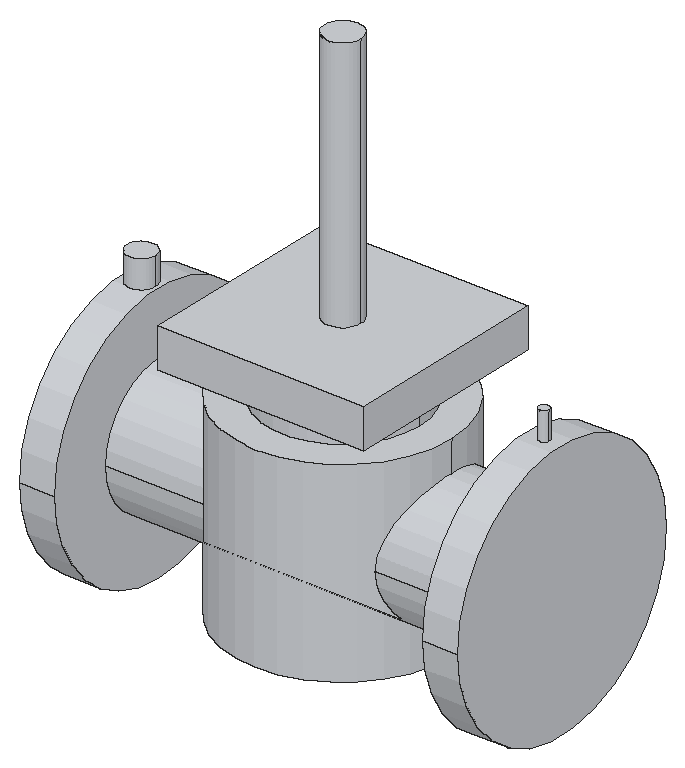
Revit family "OPTIMA_Compact_FLANGE_PN25_DN150-HF_RFA_2018", category Pipe Accessories, Revit 2018
Family settings
  Round Connector Dimension = Use Diameter
  Part Type = Valve - Breaks Into
  Work Plane-Based = No
  Always vertical = Yes
  Cut with Voids When Loaded = No
  Shared = No
Parameters (values of type "Optima Compact Flange PN25 DN150 HF")
  magiProductId = "Frese Optima Flange DN150 HF"
  magiProductFamilyId = "Frese Optima Flange *"
  magiPartTypeId = 304
  isMeasuringValve [instance] = no
  ang2D [instance] = 0.00°
  W2D = 50 mm
  VersionID = "2.0/2018.8.28.1/FRESE_OPTIMA_FLANGE_Q13_002"
  Use Minimum Symbol Size [instance] = yes
  URL = "www.hydronic.cz"
  Type Comments = "Přírubový; PN25; 0~110°C, s měřením"
  R4 = 84 mm
  R3 = 74.1 mm
  R1 = 120 mm
  QmdConnectorList = "301;D;302;D"
  Productdata [instance] = ""
  Manufacturer = "Hydronic Systems Prague s.r.o."
  MC Product Code = "53-1235 (DN150 HF; 43mm; pohon min 1500N; Qmin-dpmin 32000l/h-33.0kPa; Qmax-dpmin 195000l/h-65.0kPa; dpmax 800kPa)"
  MC Piping Given Pressure Drop [instance] = 0.0 Pa
  LF__ve = -LF  # -38.4 mm
  LF2 = 19.2 mm
  LF = 38.4 mm
  L4 = 225.6 mm
  L3 = 403.2 mm
  L2D_Min = 3048 mm
  L2D = 230 mm
  L2 = 240 mm
  H6 = 279.25 mm
  H4 = 42.75 mm
  H3 = 35.625 mm
  H2 = 106.875 mm
  H1 = 213.75 mm
  Description = "Tlakově nezávislý 2-cestný regulační vyvažovací ventil (PICV)"
  DF2 = 142.5 mm
  D = 150 mm
  CAT0 = yes
Types (14, lengths in mm): name | magiProductId | magiProductFamilyId | W2D | Type Comments | R4 | R3 | R1 | MC Product Code | LF__ve | LF2 | LF | L4 | L3 | L2D | L2 | H6 | H4 | H3 | H2 | H1 | DF2 | D
  Optima Compact Flange PN25 DN050 LF | "Frese Optima Flange DN050 LF" | "Frese Optima Flange *" | 50 | "Přírubový; PN25; 0~120°C, s měřením" | 40.3 | 42.9 | 57.5 | "53-1220 (DN50 LF; 20mm; pohon min 1000N; Qmin-dpmin 2500l/h-6.5kPa; Qmax-dpmin 15000l/h-20.0kPa; dpmax 800kPa)" | -18.4 | 9.2 | 18.4 | 108.1 | 193.2 | 230 | 115 | 157.3 | 24.8 | 20.6 | 61.9 | 123.8 | 82.5 | 50
  Optima Compact Flange PN25 DN050 HF | "Frese Optima Flange DN050 HF" | "Frese Optima Flange *" | 50 | "Přírubový; PN25; 0~120°C, s měřením" | 40.25 | 42.9 | 57.5 | "53-1230 (DN50 HF; 20mm; pohon min 1000N; Qmin-dpmin 3900l/h-19.0kPa; Qmax-dpmin 24000l/h-50.0kPa; dpmax 800kPa)" | -18.4 | 9.2 | 18.4 | 108.1 | 193.2 | 230 | 115 | 157.25 | 24.75 | 20.625 | 61.875 | 123.75 | 82.5 | 50
  Optima Compact Flange PN25 DN065 LF | "Frese Optima Flange DN065 LF" | "Frese Optima Flange *" | 50 | "Přírubový; PN25; 0~120°C, s měřením" | 50.75 | 48.1 | 72.5 | "53-1221 (DN65 LF; 20mm; pohon min 1000N; Qmin-dpmin 4400l/h-15.0kPa; Qmax-dpmin 25000l/h-25.0kPa; dpmax 800kPa)" | -23.2 | 11.6 | 23.2 | 136.3 | 243.6 | 230 | 145 | 171.25 | 27.75 | 23.125 | 69.375 | 138.75 | 92.5 | 65
  Optima Compact Flange PN25 DN065 HF | "Frese Optima Flange DN065 HF" | "Frese Optima Flange *" | 50 | "Přírubový; PN25; 0~120°C, s měřením" | 50.75 | 48.1 | 72.5 | "53-1231 (DN65 HF; 20mm; pohon min 1000N; Qmin-dpmin 6000l/h-30.0kPa; Qmax-dpmin 35000l/h-55.0kPa; dpmax 800kPa)" | -23.2 | 11.6 | 23.2 | 136.3 | 243.6 | 230 | 145 | 171.25 | 27.75 | 23.125 | 69.375 | 138.75 | 92.5 | 65
  Optima Compact Flange PN25 DN080 LF | "Frese Optima Flange DN080 LF" | "Frese Optima Flange *" | 50 | "Přírubový; PN25; 0~120°C, s měřením" | 54.25 | 52 | 77.5 | "53-1222 (DN80 LF; 20mm; pohon min 1000N; Qmin-dpmin 5300l/h-16.0kPa; Qmax-dpmin 34000l/h-25.0kPa; dpmax 800kPa)" | -24.8 | 12.4 | 24.8 | 145.7 | 260.4 | 230 | 155 | 183 | 30 | 25 | 75 | 150 | 100 | 80
  Optima Compact Flange PN25 DN080 HF | "Frese Optima Flange DN080 HF" | "Frese Optima Flange *" | 50 | "Přírubový; PN25; 0~120°C, s měřením" | 54.25 | 52 | 77.5 | "53-1232 (DN80 HF; 20mm; pohon min 1000N; Qmin-dpmin 7000l/h-23.0kPa; Qmax-dpmin 43000l/h-50.0kPa; dpmax 800kPa)" | -24.8 | 12.4 | 24.8 | 145.7 | 260.4 | 230 | 155 | 183 | 30 | 25 | 75 | 150 | 100 | 80
  Optima Compact Flange PN25 DN100 LF | "Frese Optima Flange DN100 LF" | "Frese Optima Flange *" | 50 | "Přírubový; PN25; 0~120°C, s měřením" | 61.25 | 61.1 | 87.5 | "53-1223 (DN100 LF; 40mm; pohon min 1000N; Qmin-dpmin 12100l/h-20.0kPa; Qmax-dpmin 68000l/h-35.0kPa; dpmax 800kPa)" | -28 | 14 | 28 | 164.5 | 294 | 230 | 175 | 268.75 | 35.25 | 29.375 | 88.125 | 176.25 | 117.5 | 100
  Optima Compact Flange PN25 DN100 HF | "Frese Optima Flange DN100 HF" | "Frese Optima Flange *" | 50 | "Přírubový; PN25; 0~120°C, s měřením" | 61.25 | 61.1 | 87.5 | "53-1233 (DN100 HF; 40mm; pohon min 1000N; Qmin-dpmin 14800l/h-30.0kPa; Qmax-dpmin 90000l/h-75.0kPa; dpmax 800kPa)" | -28 | 14 | 28 | 164.5 | 294 | 230 | 175 | 268.75 | 35.25 | 29.375 | 88.125 | 176.25 | 117.5 | 100
  Optima Compact Flange PN25 DN125 LF | "Frese Optima Flange DN125 LF" | "Frese Optima Flange *" | 50 | "Přírubový; PN25; 0~120°C, s měřením" | 70 | 70.2 | 100 | "53-1224 (DN125 LF; 40mm; pohon min 1000N; Qmin-dpmin 18500l/h-16.0kPa; Qmax-dpmin 110000l/h-35.0kPa; dpmax 800kPa)" | -32 | 16 | 32 | 188 | 336 | 230 | 200 | 275.5 | 40.5 | 33.75 | 101.25 | 202.5 | 135 | 125
  Optima Compact Flange PN25 DN125 HF | "Frese Optima Flange DN125 HF" | "Frese Optima Flange *" | 50 | "Přírubový; PN25; 0~120°C, s měřením" | 70 | 70.2 | 100 | "53-1234 (DN125 HF; 40mm; pohon min 1000N; Qmin-dpmin 23000l/h-27.0kPa; Qmax-dpmin 135000l/h-53.0kPa; dpmax 800kPa)" | -32 | 16 | 32 | 188 | 336 | 230 | 200 | 275.5 | 40.5 | 33.75 | 101.25 | 202.5 | 135 | 125
  Optima Compact Flange PN25 DN150 LF | "Frese Optima Flange DN150 LF" | "Frese Optima Flange *" | 50 | "Přírubový; PN25; 0~110°C, s měřením" | 84 | 74.1 | 120 | "53-1225 (DN150 LF; 43mm; pohon min 1500N; Qmin-dpmin 25600l/h-21.0kPa; Qmax-dpmin 148000l/h-35.0kPa; dpmax 800kPa)" | -38.4 | 19.2 | 38.4 | 225.6 | 403.2 | 230 | 240 | 279.25 | 42.75 | 35.625 | 106.875 | 213.75 | 142.5 | 150
  Optima Compact Flange PN25 DN150 HF | "Frese Optima Flange DN150 HF" | "Frese Optima Flange *" | 50 | "Přírubový; PN25; 0~110°C, s měřením" | 84 | 74.1 | 120 | "53-1235 (DN150 HF; 43mm; pohon min 1500N; Qmin-dpmin 32000l/h-33.0kPa; Qmax-dpmin 195000l/h-65.0kPa; dpmax 800kPa)" | -38.4 | 19.2 | 38.4 | 225.6 | 403.2 | 230 | 240 | 279.25 | 42.75 | 35.625 | 106.875 | 213.75 | 142.5 | 150
  Optima Compact Flange PN25 DN200 LF | "" | "" | 100 | "Přírubový; PN25; 0~110°C, s měřením" | 164.5 | 98.8 | 235 | "53-1226 (DN200 LF; 43mm; pohon min 1500N; Qmin-dpmin 95000l/h-11.0kPa; Qmax-dpmin 210000l/h-32.0kPa; dpmax 800kPa)" | -48 | 24 | 48 | 282 | 504 | 350 | 300 | 281 | 57 | 15 | 209 | 380 | 190 | 200
  Optima Compact Flange PN25 DN200 HF | "" | "" | 100 | "Přírubový; PN25; 0~110°C, s měřením" | 164.5 | 98.8 | 235 | "53-1236 (DN200 HF; 43mm; pohon min 1500N; Qmin-dpmin 130000l/h-31.0kPa; Qmax-dpmin 280000l/h-78.0kPa; dpmax 800kPa)" | -48 | 24 | 48 | 282 | 504 | 350 | 300 | 281 | 57 | 15 | 209 | 380 | 190 | 200
Reference planes
  plane 1 "Center (Front/Back)": y = 0
  plane 2 "XYPLANE": z = 0
  plane 3 "Center (Left/Right)": x = 0
  plane 4 "157": x = 220.8
  plane 5 "156": x = -220.8
  plane 6 "155": z = 142.5
  plane 7 "154": z = 185.25
  plane 8 "153": z = 142.5
  plane 9 "152": z = 106.875
  plane 10 "151": x = -201.6
  plane 11 "150": z = -106.875
  plane 12 "149": x = 0
  plane 13 "148": y = 0
  plane 14 "147": z = 0
  plane 15 "146": x = -240
  plane 16 "145": x = 240
Forms (mm)
  Extrusion 1, solid, visible <- "CAT0"
    sketch origin (-750, 0, 142.5) x (1, 0, 0) y (0, 1, 0)
      loop
        circle (970.8, 0) r 5.5
    from 0 to 30
  Extrusion 2, solid, visible <- "CAT0"
    sketch origin (-750, 0, 142.5) x (1, 0, 0) y (0, 1, 0)
      loop
        circle (529.2, 0) r 15.5
    from 0 to 30
  Extrusion 3, solid, visible <- "CAT0"
    sketch origin (-750, 0, 185.25) x (1, 0, 0) y (0, 1, 0)
      loop
        circle (750, 0) r 20
    from 0 to 279.25 <- "H6"
  Extrusion 4, solid, visible <- "CAT0"
    sketch origin (-750, 0, 142.5) x (1, 0, 0) y (0, 1, 0)
      loop
        line (862.8, 112.8) -> (637.2, 112.8) -> (637.2, -112.8) -> (862.8, -112.8) -> (862.8, 112.8)
    from 0 to 42.75 <- "H4"
  Extrusion 5, solid, visible <- "CAT0"
    sketch origin (-750, 0, 106.875) x (1, 0, 0) y (0, 1, 0)
      loop
        circle (750, 0) r 84
    from 0 to 35.625 <- "H3"
  Extrusion 6, solid, visible <- "CAT0"
    sketch origin (-201.6, -750, 0) x (0, 1, 0) y (0, 0, 1)
      loop
        circle (750, 0) r 74.1
    from 0 to 403.2 <- "L3"
  Extrusion 7, solid, visible <- "CAT0"
    sketch origin (-750, 0, -106.875) x (1, 0, 0) y (0, 1, 0)
      loop
        circle (750, 0) r 120
    from 0 to 213.75 <- "H1"
  Extrusion 8, solid, visible <- "CAT0"
    sketch origin (-240, -750, 0) x (0, 1, 0) y (0, 0, 1)
      loop
        circle (750, 0) r 142.5
    from 0 to 38.4 <- "LF"
  Extrusion 9, solid, visible <- "CAT0"
    sketch origin (240, -750, 0) x (0, 1, 0) y (0, 0, 1)
      loop
        circle (750, 0) r 142.5
    from 0 to -38.4 <- "LF__ve"
  Extrusion 10, solid, not visible
    sketch origin (-240, -750, 0) x (0, 1, 0) y (0, 0, 1)
      loop
        circle (750, 0) r 10
    from 0 to 10
  Extrusion 11, solid, not visible
    sketch origin (240, -750, 0) x (0, 1, 0) y (0, 0, 1)
      loop
        circle (750, 0) r 10
    from 0 to -10
Lines and regions (mm)
  reference lines, not visible
    curve 1: circle (2, 2, 0) r 1 normal (0, 0, 1)
  reference lines
    curve 2: circle (0, 0, 142.5) r 1 normal (0, 0, 1)
Dimensions and locks
  plane 1 "Center (Front/Back)" to curve 1 = 2 mm
  "LF2": plane 16 "145" to plane 4 "157"
  "LF2": plane 15 "146" to plane 5 "156"
  "DF2": plane 2 "XYPLANE" to plane 6 "155"
  "H4": plane 8 "153" to plane 7 "154"
  "H3": plane 9 "152" to plane 8 "153"
  "H1": plane 11 "150" to plane 9 "152"
  "LF": plane 15 "146" to plane 10 "151"
  "H2": plane 2 "XYPLANE" to plane 11 "150"
  locked: plane 3 "Center (Left/Right)" to plane 12 "149"
  locked: plane 1 "Center (Front/Back)" to plane 13 "148"
  locked: plane 2 "XYPLANE" to plane 14 "147"
  "L2": plane 3 "Center (Left/Right)" to plane 15 "146"
  "L2": plane 3 "Center (Left/Right)" to plane 16 "145"
  equal spacing: Extrusion 4 sketch curve, curve 2, Extrusion 4 sketch curve  (x2)
  "L4": Extrusion 4 sketch curve to Extrusion 4 sketch curve  (x2)
  Extrusion 4 sketch curve to Extrusion 4 sketch curve = 0 mm  (x8)
  "R4": radius of Extrusion 5 sketch curve
  "R3": radius of Extrusion 6 sketch curve
  "R1": radius of Extrusion 7 sketch curve
  "DF2": radius of Extrusion 8 sketch curve
  "DF2": radius of Extrusion 9 sketch curve
  aligned and locked: level to plane 2 "XYPLANE"
  aligned and locked: plane 4 "157" to Extrusion 1 sketch curve
  aligned and locked: plane 13 "148" to Extrusion 1 sketch curve
  aligned and locked: plane 5 "156" to Extrusion 2 sketch curve
  aligned and locked: plane 13 "148" to Extrusion 2 sketch curve
  aligned and locked: plane 12 "149" to Extrusion 3 sketch curve
  aligned and locked: plane 13 "148" to Extrusion 3 sketch curve
  aligned and locked: plane 12 "149" to curve 2
  aligned and locked: plane 13 "148" to curve 2
  aligned and locked: plane 12 "149" to Extrusion 5 sketch curve
  aligned and locked: plane 13 "148" to Extrusion 5 sketch curve
  aligned and locked: Extrusion 6 sketch curve to plane 13 "148"
  aligned and locked: plane 14 "147" to Extrusion 6 sketch curve
  aligned and locked: plane 12 "149" to Extrusion 7 sketch curve
  aligned and locked: plane 13 "148" to Extrusion 7 sketch curve
  aligned and locked: Extrusion 8 sketch curve to plane 13 "148"
  aligned and locked: plane 14 "147" to Extrusion 8 sketch curve
  aligned and locked: Extrusion 9 sketch curve to plane 13 "148"
  aligned and locked: plane 14 "147" to Extrusion 9 sketch curve
  aligned and locked: Extrusion 10 sketch curve to plane 13 "148"
  aligned and locked: plane 14 "147" to Extrusion 10 sketch curve
  aligned and locked: Extrusion 11 sketch curve to plane 13 "148"
  aligned and locked: plane 14 "147" to Extrusion 11 sketch curve
Automatic sketch dimensions
  Extrusion 1 sketch curve to plane 4 "157" = 5.5 mm
  plane 15 "146" to Extrusion 2 sketch curve = 3.7 mm
  Extrusion 3 sketch curve to plane 3 "Center (Left/Right)" = 20 mm
  plane 1 "Center (Front/Back)" to Extrusion 10 sketch curve = 10 mm
  plane 1 "Center (Front/Back)" to Extrusion 11 sketch curve = 10 mm
  plane 3 "Center (Left/Right)" to curve 1 = 2 mm
  plane 10 "151" to Extrusion 4 sketch curve = 88.8 mm
  plane 1 "Center (Front/Back)" to Extrusion 4 sketch curve = 112.8 mm
  radius of curve 2 = 1 mm
  radius of curve 1 = 1 mm
Connectors
  piping at (-240, 0, 0), diameter 150, driven by "D"
    settings: on Extrusion 10, index 1, connector inside diameter 609.6 mm, connector length 0 mm, flow factor 0, pipe flow 0.0 L/s, pressure drop 0.0 Pa, fitting loss kfactor 0, connector angle 0.00°, fixture units 0, engagement length 0 mm, angle of deflection 0.00°, flow configuration 0, flow direction 0, fitting loss method 0, system type 29, joint type 0, gender type 0, connector reference index 2, connector utility 0, adjustable connector no, is connector primary yes, connector description ""
  piping at (240, 0, 0), diameter 150, driven by "D"
    settings: on Extrusion 11, index 2, connector inside diameter 609.6 mm, connector length 0 mm, flow factor 0, pipe flow 0.0 L/s, pressure drop 0.0 Pa, fitting loss kfactor 0, connector angle 0.00°, fixture units 0, engagement length 0 mm, angle of deflection 0.00°, flow configuration 0, flow direction 0, fitting loss method 0, system type 29, joint type 0, gender type 0, connector reference index 1, connector utility 0, adjustable connector no, is connector primary no, connector description ""
